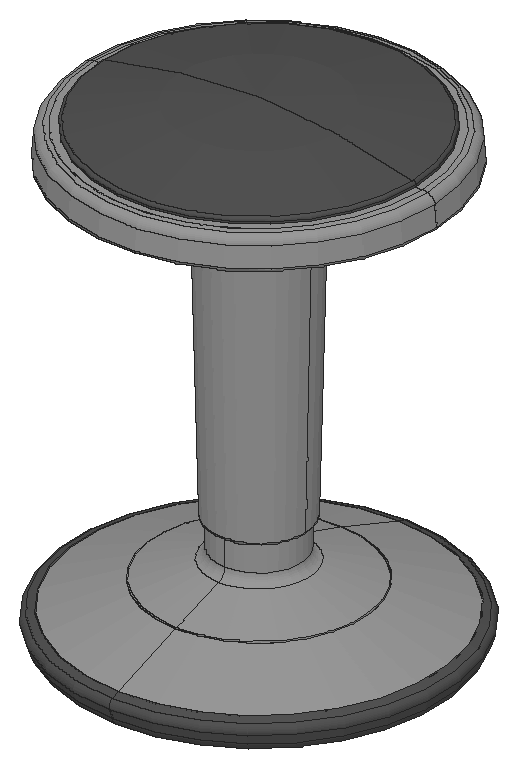
Revit family "Grow Stool", category Generic Models, Revit 2018
Family settings
  Can host rebar = No
  Round Connector Dimension = Use Diameter
  Part Type = Normal
  Work Plane-Based = No
  Always vertical = Yes
  Cut with Voids When Loaded = No
  Shared = No
  Room Calculation Point = No
Parameters
  Height = 1' - 6"
  Color = Grow Stool Color Frame
Reference planes (in)
  plane 1 "Center (Front/Back)": y = 0
  plane 2: z = 0
  plane 3 "Center (Left/Right)": x = 0
  plane 4 "Grow Stool Height": z = 18
  plane 5: z = 4.69469
Dimensions and locks (in)
  locked: plane 4 "Grow Stool Height" to plane 5 at 13.30531
  "Height": plane 4 "Grow Stool Height" to level
  aligned and locked: plane 2 to level
  aligned and locked: plane 5 to nested 2
Nested families (in)
  nested 1: "Grow Stool Bottom" at (0, 0, 0), type "Grow Stool Bottom"
  nested 2: "Grow Stool Top" at (0, 0, 4.65674), type "Grow Stool Top"
Definition of nested family "Grow Stool Bottom"
  Parameters (values of type "Grow Stool Bottom")
    Color = none
  Reference planes (in)
    plane 1 "Center (Front/Back)": y = 0
    plane 2: z = 0
    plane 3 "Center (Left/Right)": x = 0
  Forms (in)
    Revolve 1, solid
      sketch origin (0, 0, 0) x (0, 1, 0) y (0, 0, 1)
        loop
          line (-6.20643, 1.78157) -> (-6.47832, 1.67964)
          arc (-6.47832, 1.67964) -> (-6.60912, 1.55863) -> (-6.61774, 1.38065) r 0.23554
          line (-6.61774, 1.38065) -> (-6.50017, 1.04772)
          arc (-6.50017, 1.04772) -> (-6.37419, 0.85355) -> (-6.17368, 0.73792) r 0.49483
          arc (-6.17368, 0.73792) -> (-5.87757, 0.65398) -> (-5.5797, 0.57648) r 14.19068
          line (-5.5797, 0.57648) -> (-5.49636, 0.57648)
          arc (-5.49636, 0.57648) -> (-5.48276, 0.55379) -> (-5.45784, 0.54487) r 0.03927
          arc (-5.45784, 0.54487) -> (-4.03212, 0.25191) -> (-2.58581, 0.08852) r 16.14652
          arc (-2.58581, 0.08852) -> (-1.29366, 0.02214) -> (0, 0) r 37.8134
          line (0, 0) -> (0, 1.78157) -> (-6.20643, 1.78157)
        axis (0, 1.78157) -> (0, 0)
      angle from 0 to 360
    Revolve 2, solid, material <- "Color"
      sketch origin (0, 0, 0) x (0, 1, 0) y (0, 0, 1)
        loop
          arc (-3.67385, 2.67677) -> (-4.9435, 2.23868) -> (-6.20643, 1.78157) r 89.44423
          line (-6.20643, 1.78157) -> (0, 1.78157) -> (0, 2.67677) -> (-3.67385, 2.67677)
        axis (0, 2.67677) -> (0, 1.78157)
      angle from 0 to 360
    Revolve 3, solid, material <- "Color"
      sketch origin (0, 0, 0) x (0, 1, 0) y (0, 0, 1)
        loop
          line (-3.67385, 2.67677) -> (0, 2.67677) -> (0, 12.42516) -> (-1.28107, 12.42516)
          arc (-1.28107, 12.42516) -> (-1.32203, 12.40819) -> (-1.33899, 12.36723) r 0.05793
          line (-1.33899, 12.36723) -> (-1.49071, 3.67684)
          arc (-1.49071, 3.67684) -> (-1.56986, 3.44697) -> (-1.76902, 3.30755) r 0.39332
          arc (-1.76902, 3.30755) -> (-2.71487, 3.01163) -> (-3.6567, 2.70318) r 74.63388
          arc (-3.6567, 2.70318) -> (-3.67092, 2.69364) -> (-3.67385, 2.67677) r 0.02178
        axis (0, 12.42516) -> (0, 2.67677)
      angle from 0 to 360
  Lines and regions (in)
    symbolic lines
      curve 1: line (0, 0.03937, 1.0773) -> (0, -0.03937, 1.0773)
  Dimensions and locks (in)
    aligned and locked: plane 2 to level
Definition of nested family "Grow Stool Top"
  Parameters (values of type "Grow Stool Top")
    Color = none
  Reference planes (in)
    plane 1 "Center (Front/Back)": y = 0
    plane 2: z = 0
    plane 3 "Center (Left/Right)": x = 0
  Forms (in)
    Revolve 1, solid, material <- "Color"
      sketch origin (0, 0, 0) x (1, 0, 0) y (0, 0, 1)
        loop
          line (0, 0) -> (1.6197, 0)
          arc (1.6197, 0) -> (1.64653, 0.01111) -> (1.65764, 0.03794) r 0.03794
          line (1.65764, 0.03794) -> (1.89708, 9.22853)
          arc (1.89708, 9.22853) -> (2.00888, 9.55573) -> (2.28403, 9.76514) r 0.59368
          arc (2.28403, 9.76514) -> (3.04493, 10.06277) -> (3.80226, 10.36936) r 69.23467
          arc (3.80226, 10.36936) -> (3.815, 10.38049) -> (3.81932, 10.39776) r 0.02903
          arc (3.81932, 10.39776) -> (4.60792, 10.7044) -> (5.37199, 11.06784) r 11.57157
          arc (5.37199, 11.06784) -> (5.47029, 11.14801) -> (5.51104, 11.26814) r 0.22965
          line (5.51104, 11.26814) -> (6.165, 11.26814)
          arc (6.165, 11.26814) -> (6.18475, 11.26928) -> (6.20328, 11.27623) r 0.06602
          line (6.20328, 11.27623) -> (6.26382, 11.30446)
          arc (6.26382, 11.30446) -> (6.29917, 11.33621) -> (6.30901, 11.3827) r 0.07662
          line (6.30901, 11.3827) -> (6.2475, 12.08578)
          arc (6.2475, 12.08578) -> (6.16788, 12.26889) -> (5.9941, 12.36721) r 0.31463
          line (5.9941, 12.36721) -> (5.82448, 12.40018) -> (0, 12.40018) -> (0, 0)
        axis (0, 12.40018) -> (0, 0)
      angle from 0 to 360
    Revolve 2, solid
      sketch origin (0, 0, 0) x (1, 0, 0) y (0, 0, 1)
        loop
          line (0, 13.30531) -> (0, 12.40018) -> (5.5564, 12.40018) -> (5.56225, 12.45921)
          arc (5.56225, 12.45921) -> (5.54178, 12.5375) -> (5.47527, 12.58358) r 0.11653
          arc (5.47527, 12.58358) -> (2.76132, 13.1241) -> (0, 13.30531) r 21.12916
        axis (0, 13.30531) -> (0, 12.40018)
      angle from 0 to 360
  Dimensions and locks (in)
    aligned and locked: plane 2 to level
